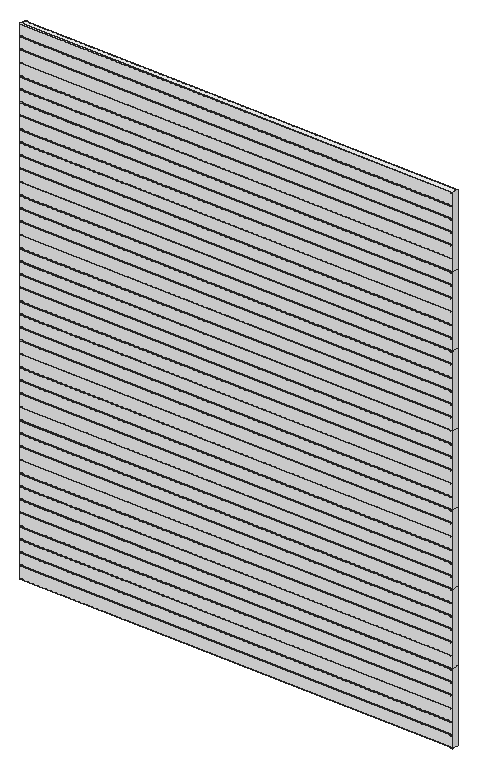
Revit family
Parameters (values of type "By Type")
  Windload = "Doors available rated for various design pressures; consult Clopay for avaialbility and specifications"
  VisSection6 = NumSections = 6  # no
  VisSection5 = NumSections > 4  # yes
  VisSection4 = NumSections > 3  # yes
  VisSection3 = NumSections > 2  # yes
  VisArray = NumSections > 6  # yes
  URL = "www.clopaydoor.com"
  Track = "Galvanized steel (gauge varies according to door size)"
  Thickness = 0' - 1 3/4"  # constant formula
  Spec Wizard = "http://www.arcat.com/specwizard/08360clo/index.htm"
  Section Height = Height / NumSections  # 2' - 0"
  Sales Information = "http://www.clopaydoor.com/where-to-buy.aspx?type=dealer"
  Rough Width = 0' - 0"  # constant formula
  Rough Height = 0' - 0"  # constant formula
  R-Value = "15.05"
  Product Features and Benefits = "http://www.clopaydoor.com/insulated-polyurethane-applications.aspx"
  Overlapping Jamb = yes
  Overlap = if(Overlapping Jamb, 0' 1", 0' 0")  # 0' - 1"
  Opening Width = 12' - 0"
  Opening Height = 14' - 0"
  Omniclass Table = "23-30 10 17 37 "
  NumSectionsNotRounded = Height / 2' 0"  # 7
  NumSections = NumSectionsNotRounded + 0.4999  # 7
  NumArraySections = if(NumSections > 6, NumSections - 5, 2)  # 2
  Model = "3718"
  Maximum Size = "Maximum 32' 2'' wide by 26' 0'' high. Additional limitations may apply do to door weight. Consult Clopay for specificiations and shop drawings."  # constant formula
  Manufacturer Website = "http://www.clopaydoor.com"
  Manufacturer Phone Number = "1-800-526-4301"
  Manufacturer Address = "1400 W. Market St., Troy, OH 45373"
  Manufacturer = "Clopay Building Products Company"
  LEED = "http://products.construction.com/swts_content_files/151607/303186.pdf"
  Keynote = "08 36 13"
  Interior Steel = "28 ga. galvanized, primed, and finish painted"
  Hardware = "14 ga. min. steel hinges; 10-ball steel rollers"
  GreenFormat = "http://www.greenformat.com/products/1536-Polyurethane%20Insulated%20Doors.rtf"
  Function = (empty or 0)
  Height = Opening Height + Rough Width * 0  # 14' - 0"
  Wall Closure = (empty or 0)
  Width = Opening Width + Rough Width * 0  # 12' - 0"
  FloorToSection7 = 6 * Section Height  # 12' - 0"
  FloorToSection6 = 5 * Section Height  # 10' - 0"
  FloorToSection5 = 4 * Section Height  # 8' - 0"
  FloorToSection4 = 3 * Section Height  # 6' - 0"
  FloorToSection3 = 2 * Section Height  # 4' - 0"
  FloorToSection2 = Section Height  # 2' - 0"
  File Revision = "02 (August, 2012)"
  Exterior Steel = "27 ga. galvanized, primed, and finish painted"
  Double End Stiles = Door Width > 14' 2"  # no
  Door Width = Opening Width + Overlap * 2  # 12' - 2"
  Door Height = Opening Height + Rough Width * 0  # 14' - 0"
  Description = "1-3/4'' thick polyurethane insulated, stucco embossed 27 gauge steel flush exterior."
  Core Material = "Expanded polyurethane"
  Copyright = "2010, Clopay Building Products Company, Inc."
  Color = White
  CAD and Specifications = "http://www.clopaydoor.com/insulated-polyurethane-specs.aspx"
  Assembly Code = "B2030410"
Reference planes (in)
  plane 1 "Center (Front/Back)": y = 0
  plane 2 "Center (Left/Right)": x = 0
  plane 3 "Left": x = -72
  plane 4 "Right": x = 72
  plane 5 "Top": z = 168
  plane 6 "Exterior": y = 3
  plane 7 "Interior": y = -3
  plane 8: z = 120
  plane 9: z = 144
Lines and regions (in)
  Opening 1
    outline origin (-90, -3, 0) x (1, 0, 0) y (0, 0, 1)
      loop
        line (18, 0) -> (162, 0) -> (162, 168) -> (18, 168) -> (18, 0)
Text (in)
  text "Exterior" at (-74.96733, 27.31104, 0), in view "Ref. Level"
  text "Interior" at (-74.96733, -25.14366, 0), in view "Ref. Level"
  text "Exterior" at (0, 40.15149, 123.01588), in view "Right"
  text "Interior" at (0, -64.39139, 123.01588), in view "Right"
  text "Interior" at (0, -31.01599, 123.00693), in view "Left"
  text "Exterior" at (0, 54.57065, 123.00693), in view "Left"
Dimensions and locks (in)
  equal spacing: plane 3 "Left", plane 2 "Center (Left/Right)", plane 4 "Right"
  "Height": level to plane 5 "Top"
  "Width": plane 3 "Left" to plane 4 "Right"
  host wall to plane 5 "Top" = 14' - 0"
  nested 1 to plane 7 "Interior" = 0' - 0 1/2"
  "FloorToSection6": plane 8 to level
  "FloorToSection7": plane 9 to level
  group 1 to group 2 = 0' - 0"  (x2)
  group 1 to group 2 = 2' - 0"
  host wall to host wall = 67' - 6"
  aligned and locked: plane 3 "Left" to Opening 1 sketch curve
  aligned and locked: plane 5 "Top" to Opening 1 sketch curve  (x2)
  aligned and locked: Opening 1 sketch curve to plane 4 "Right"
  aligned and locked: Opening 1 sketch curve to level
  aligned and locked: plane 6 "Exterior" to host wall
  aligned and locked: host wall to plane 7 "Interior"
  aligned and locked: plane 2 "Center (Left/Right)" to nested 2
  aligned and locked: plane 2 "Center (Left/Right)" to nested 3
  aligned and locked: plane 2 "Center (Left/Right)" to nested 4
  aligned and locked: plane 2 "Center (Left/Right)" to nested 5
  aligned and locked: plane 2 "Center (Left/Right)" to nested 7
  aligned and locked: nested 7 to plane 8
  aligned and locked: nested 8 to plane 9
  aligned and locked: plane 7 "Interior" to nested 2
  aligned and locked: plane 7 "Interior" to nested 7
  aligned and locked: host wall to nested 8
  aligned and locked: plane 7 "Interior" to nested 3
  aligned and locked: host wall to nested 3
  aligned and locked: plane 7 "Interior" to nested 1
  aligned and locked: nested 2 to host wall
  aligned and locked: plane 7 "Interior" to nested 6
  aligned and locked: plane 7 "Interior" to nested 5
  aligned and locked: host wall to nested 7
  aligned and locked: plane 7 "Interior" to nested 4
Nested families (in)
  nested 1: "Section" at (0, 0, 0), type "Solid"
  nested 2: "Section" at (0, 0, 24), built-in parameter 1001364 <- "Section Height", type "Solid"
  nested 3: "Section" at (0, 0, 48), built-in parameter 1001364 <- "FloorToSection3", visible <- "VisSection3", type "Solid"
  nested 4: "Section" at (0, 0, 120), built-in parameter 1001364 <- "FloorToSection6", visible <- "VisSection6", type "Solid"
  nested 5: "Section" at (0, 0, 96), built-in parameter 1001364 <- "FloorToSection5", visible <- "VisSection5", type "Solid"
  nested 6: "Section" at (0, 0, 72), built-in parameter 1001364 <- "FloorToSection4", visible <- "VisSection4", type "Solid"
  nested 7: "Section" at (0, 0, 120), visible <- "VisArray", type "Solid"
  nested 8: "Section" at (0, 0, 144), visible <- "VisArray", type "Solid"
Definition of nested family "Section"
  Parameters (values of type "Solid")
    X9 = if(if(NumArrayedWindows < NumWindows, NumArrayedWindows + 1, NumWindows) < 9, X1, X8 + 3' 8")  # 1' - 5 1/2"
    X8 = if(if(NumArrayedWindows < NumWindows, NumArrayedWindows + 1, NumWindows) < 8, X1, X7 + 3' 8")  # 1' - 5 1/2"
    X7 = if(if(NumArrayedWindows < NumWindows, NumArrayedWindows + 1, NumWindows) < 7, X1, X6 + 3' 8")  # 1' - 5 1/2"
    X6 = if(if(NumArrayedWindows < NumWindows, NumArrayedWindows + 1, NumWindows) < 6, X1, X5 + 3' 8")  # 1' - 5 1/2"
    X5 = if(if(NumArrayedWindows < NumWindows, NumArrayedWindows + 1, NumWindows) < 5, X1, X4 + 3' 8")  # 1' - 5 1/2"
    X4 = if(if(NumArrayedWindows < NumWindows, NumArrayedWindows + 1, NumWindows) < 4, X1, X3 + 3' 8")  # 1' - 5 1/2"
    X3 = if(NumWindows < 3, X1, X2 + 3' 8")  # 8' - 9 1/2"
    X2 = if(NumWindows < 2, ((Door Width - (NumWindows - 1) * 3' 8") / 2 - Cutout Width / 2), ((Door Width - (NumWindows - 1) * 3' 8") / 2 - Cutout Width / 2) + 3' 8")  # 5' - 1 1/2"
    WindowVis = no
    WindowCutDepth = -0' - 0 13/128"
    Section Height = 2' - 0"
    RibSpacing = Section Height / (NumRibs + 1)  # 0' - 4"
    NumWindows = if(Door Width < 9' 4", 2, if(Door Width < 13' 4", 3, if(Door Width < 16' 4", 4, if(Door Width < 20' 4", 5, if(Door Width < 24' 4", 6, if(Door Width < 26' 4", 7, if(Door Width < 31' 8", 8, 10)))))))  # 3
    NumRibs = if(Section Height < 1' 9", 3, if(Section Height < 2' 0", 4, 5))  # 5
    NumArrayedWindows = if(X2 = X1, NumWindows - 2, NumWindows)  # 3
    Half Section Height = Section Height / 2  # 1' - 0"
    Half Door Width Neg = -Half Door Width  # -6' - 1"
    Half Door Width = Door Width / 2  # 6' - 1"
    Half Cutout Height = Cutout Height / 2  # 0' - 3 1/2"
    Function = (empty or 0)
    Height = 0' - 0"
    Wall Closure = (empty or 0)
    Width = 0' - 0"
    X1 = if(or(Door Width > 31' 6", and(Door Width > 26' 2", Door Width < 28' 1"), Door Width = 24' 3", Door Width = 24' 4", and(Door Width > 20' 2", Door Width < 20' 11"), and(Door Width > 16' 2", Door Width < 17' 3")), X2, (Door Width - (NumWindows - 1) * 3' 8") / 2 - Cutout Width / 2)  # 1' - 5 1/2"
    Door Width = 12' - 2"
    CutoutToCutout = 1' - 0"
    Cutout Width = 1' - 11"
    Cutout Height = 0' - 7"
    Color = White
    BtmTo1stRib = RibSpacing  # 0' - 4"
    Assembly Code = ""
  Reference planes (in)
    plane 1 "Center (Front/Back)": y = 0
    plane 2 "Center (Left/Right)": x = 0
    plane 3 "Exterior": y = 3
    plane 4 "Interior": y = -3
    plane 5: y = -3.5
    plane 6: x = 73
    plane 7: x = -73
    plane 8: z = 4
    plane 9: z = 8
    plane 10: z = 24
    plane 11: z = 12
    plane 12: z = 0
  Forms (in)
    Extrusion 1, solid, material "White" <- "Color"
      sketch origin (-73, -12, 83.08252) x (0, 0, 1) y (0, -1, 0)
        loop
          line (-59.08252, -8.37573) -> (-59.08252, -6.62444)
          arc (-59.08252, -6.62444) -> (-59.11897, -6.53645) -> (-59.20696, -6.5) r 0.12444
          line (-59.20696, -6.5) -> (-82.95809, -6.5)
          arc (-82.95809, -6.5) -> (-83.04608, -6.53645) -> (-83.08252, -6.62444) r 0.12444
          line (-83.08252, -6.62444) -> (-83.08252, -8.37573)
          arc (-83.08252, -8.37573) -> (-83.04612, -8.4636) -> (-82.95825, -8.5) r 0.12427
          line (-82.95825, -8.5) -> (-59.20679, -8.5)
          arc (-59.20679, -8.5) -> (-59.11892, -8.4636) -> (-59.08252, -8.37573) r 0.12427
      from 0 to 146 <- "Door Width"
    Extrusion 2, void
      sketch origin (0, -8.99984, -0.5) x (0, 1, 0) y (0, 0, -1)
        loop
          line (3.5, -4.62727) -> (3.53032, -4.58058)
          arc (3.53032, -4.58058) -> (3.53753, -4.56494) -> (3.54, -4.5479) r 0.06
          line (3.54, -4.5479) -> (3.54, -4.4521)
          arc (3.54, -4.4521) -> (3.53753, -4.43506) -> (3.53032, -4.41942) r 0.06
          line (3.53032, -4.41942) -> (3.5, -4.37273) -> (3.5, -4.62727)
      from -73 <- "Half Door Width Neg" to 146 <- "Door Width"
    Extrusion 3, void
      sketch origin (0, -8.99984, 3.5) x (0, 1, 0) y (0, 0, -1)
        loop
          line (3.5, -4.62727) -> (3.53032, -4.58058)
          arc (3.53032, -4.58058) -> (3.53753, -4.56494) -> (3.54, -4.5479) r 0.06
          line (3.54, -4.5479) -> (3.54, -4.4521)
          arc (3.54, -4.4521) -> (3.53753, -4.43506) -> (3.53032, -4.41942) r 0.06
          line (3.53032, -4.41942) -> (3.5, -4.37273) -> (3.5, -4.62727)
      from -73 <- "Half Door Width Neg" to 146 <- "Door Width"
    Extrusion 4, void
      sketch origin (0, -8.99984, 7.5) x (0, 1, 0) y (0, 0, -1)
        loop
          line (3.5, -4.62727) -> (3.53032, -4.58058)
          arc (3.53032, -4.58058) -> (3.53753, -4.56494) -> (3.54, -4.5479) r 0.06
          line (3.54, -4.5479) -> (3.54, -4.4521)
          arc (3.54, -4.4521) -> (3.53753, -4.43506) -> (3.53032, -4.41942) r 0.06
          line (3.53032, -4.41942) -> (3.5, -4.37273) -> (3.5, -4.62727)
      from -73 <- "Half Door Width Neg" to 146 <- "Door Width"
    Extrusion 5, void
      sketch origin (0, -8.99984, 11.5) x (0, 1, 0) y (0, 0, -1)
        loop
          line (3.5, -4.62727) -> (3.53032, -4.58058)
          arc (3.53032, -4.58058) -> (3.53753, -4.56494) -> (3.54, -4.5479) r 0.06
          line (3.54, -4.5479) -> (3.54, -4.4521)
          arc (3.54, -4.4521) -> (3.53753, -4.43506) -> (3.53032, -4.41942) r 0.06
          line (3.53032, -4.41942) -> (3.5, -4.37273) -> (3.5, -4.62727)
      from -73 <- "Half Door Width Neg" to 146 <- "Door Width"
    Extrusion 6, void
      sketch origin (0, -8.99984, 15.5) x (0, 1, 0) y (0, 0, -1)
        loop
          line (3.5, -4.62727) -> (3.53032, -4.58058)
          arc (3.53032, -4.58058) -> (3.53753, -4.56494) -> (3.54, -4.5479) r 0.06
          line (3.54, -4.5479) -> (3.54, -4.4521)
          arc (3.54, -4.4521) -> (3.53753, -4.43506) -> (3.53032, -4.41942) r 0.06
          line (3.53032, -4.41942) -> (3.5, -4.37273) -> (3.5, -4.62727)
      from -73 <- "Half Door Width Neg" to 146 <- "Door Width"
  Cuts and joins
    Extrusion 2, Extrusion 3, Extrusion 4, Extrusion 5, Extrusion 6 cuts Extrusion 1
  Lines and regions (in)
    reference lines
      curve 1: line (-72, -5.45984, 4) -> (-72, -5.49984, 4)
      curve 2: line (-72, -5.45984, 4) -> (-72, -5.49984, 4)
      curve 3: line (-72, -5.45984, 8) -> (-72, -5.49984, 8)
      curve 4: line (-72, -5.45984, 12) -> (-72, -5.49984, 12)
      curve 5: line (-72, -5.45984, 16) -> (-72, -5.49984, 16)
      curve 6: line (-72, -5.45984, 20) -> (-72, -5.49984, 20)
  Text (in)
    text "Exterior" at (-74.96733, 27.31104, 0), in view "Ref. Level"
    text "Interior" at (-74.96733, -25.14366, 0), in view "Ref. Level"
    text "Exterior" at (0, 40.15149, 123.01588), in view "Right"
    text "Interior" at (0, -64.39139, 123.01588), in view "Right"
    text "Interior" at (0, -31.01599, 123.00693), in view "Left"
    text "Exterior" at (0, 54.57065, 123.00693), in view "Left"
  Dimensions and locks (in)
    plane 4 "Interior" to plane 5 = 0' - 0 1/2"
    "Half Door Width": plane 2 "Center (Left/Right)" to plane 7
    "Half Door Width": plane 6 to plane 2 "Center (Left/Right)"
    Extrusion 1 sketch curve to Extrusion 1 sketch curve = 0' - 2"
    "BtmTo1stRib": plane 8 to level
    "RibSpacing": plane 9 to plane 8
    "Section Height": plane 10 to level
    Extrusion 2 sketch curve to Extrusion 2 sketch curve = 0' - 0.25454"
    Extrusion 2 sketch curve to Extrusion 2 sketch curve = 0' - 0.04"  (x2)
    Extrusion 2 sketch curve to curve 2 = 0' - 0.12727"
    "Half Section Height": level to plane 11
    locked: plane 4 "Interior" to cut or joined group of Extrusion 1, Extrusion 2, Extrusion 3, Extrusion 4, Extrusion 5, Extrusion 6 at 0.5
    Extrusion 3 sketch curve to Extrusion 3 sketch curve = 0' - 0.25454"
    Extrusion 3 sketch curve to Extrusion 3 sketch curve = 0' - 0.04"  (x2)
    Extrusion 3 sketch curve to curve 3 = 0' - 0.12727"
    equal spacing: group 1, group 2, group 3, group 4, group 5  (x3)
    Extrusion 4 sketch curve to Extrusion 4 sketch curve = 0' - 0.25454"
    Extrusion 4 sketch curve to Extrusion 4 sketch curve = 0' - 0.04"  (x2)
    Extrusion 4 sketch curve to curve 4 = 0' - 0.12727"
    Extrusion 5 sketch curve to Extrusion 5 sketch curve = 0' - 0.25454"
    Extrusion 5 sketch curve to Extrusion 5 sketch curve = 0' - 0.04"  (x2)
    Extrusion 5 sketch curve to curve 5 = 0' - 0.12727"
    Extrusion 6 sketch curve to Extrusion 6 sketch curve = 0' - 0.25454"
    Extrusion 6 sketch curve to Extrusion 6 sketch curve = 0' - 0.04"  (x2)
    Extrusion 6 sketch curve to curve 6 = 0' - 0.12727"
    radius of Extrusion 1 sketch curve = 0' - 0.12427"  (x2)
    radius of Extrusion 1 sketch curve = 0' - 0.12444"  (x2)
    angle Extrusion 2 sketch curve to Extrusion 2 sketch curve = 147.00°  (x2)
    angle Extrusion 3 sketch curve to Extrusion 3 sketch curve = 147.00°  (x2)
    angle Extrusion 4 sketch curve to Extrusion 4 sketch curve = 147.00°  (x2)
    angle Extrusion 5 sketch curve to Extrusion 5 sketch curve = 147.00°  (x2)
    angle Extrusion 6 sketch curve to Extrusion 6 sketch curve = 147.00°  (x2)
    aligned and locked: Extrusion 1 sketch curve to plane 5
    aligned: cut or joined group of Extrusion 1, Extrusion 2, Extrusion 3, Extrusion 4, Extrusion 5, Extrusion 6 to cut or joined group of Extrusion 1, Extrusion 2, Extrusion 3, Extrusion 4, Extrusion 5, Extrusion 6  (x9)
    aligned and locked: plane 12 to level
    aligned and locked: curve 3 to plane 9
    aligned and locked: curve 2 to plane 8
  Automatic sketch dimensions
    curve 1 to curve 1 = 0' - 0.04"  (x2)
    curve 2 to curve 2 = 0' - 0.04"
    Extrusion 2 sketch curve to Extrusion 2 sketch curve = 0' - 0"
    Extrusion 2 sketch curve to Extrusion 2 sketch curve = 0' - 0.02"
    Extrusion 2 sketch curve to Extrusion 2 sketch curve = 0' - 0.00968"  (x2)
    curve 1 to plane 8 = 0' - 0"
    Extrusion 1 sketch curve to plane 10 = 0' - 0"
    Extrusion 1 sketch curve to level = 0' - 0"
    curve 1 to plane 5 = 0' - 1.95984"
    Extrusion 3 sketch curve to Extrusion 3 sketch curve = 0' - 0"
    Extrusion 3 sketch curve to Extrusion 3 sketch curve = 0' - 0.02"
    Extrusion 3 sketch curve to Extrusion 3 sketch curve = 0' - 0.00968"  (x2)
    Extrusion 4 sketch curve to Extrusion 4 sketch curve = 0' - 0"
    Extrusion 4 sketch curve to Extrusion 4 sketch curve = 0' - 0.02"
    Extrusion 4 sketch curve to Extrusion 4 sketch curve = 0' - 0.00968"  (x2)
    Extrusion 5 sketch curve to Extrusion 5 sketch curve = 0' - 0"
    Extrusion 5 sketch curve to Extrusion 5 sketch curve = 0' - 0.02"
    Extrusion 5 sketch curve to Extrusion 5 sketch curve = 0' - 0.00968"  (x2)
    Extrusion 6 sketch curve to Extrusion 6 sketch curve = 0' - 0"
    Extrusion 6 sketch curve to Extrusion 6 sketch curve = 0' - 0.02"
    Extrusion 6 sketch curve to Extrusion 6 sketch curve = 0' - 0.00968"  (x2)
